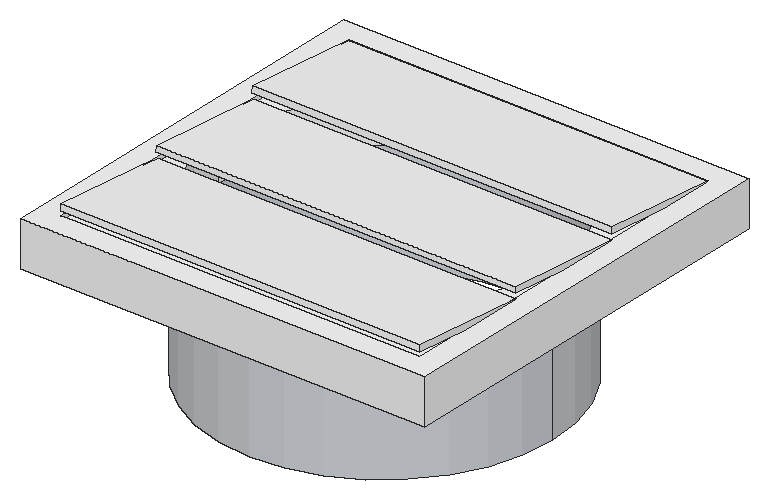
Revit family "CADS_AIRFLOWdev_AirTerminal_SquareExternalGrille_GravityFlap_Intake", category Air Terminals, host Face, Revit 2015
Parameters (values of type "180 x 180 x 150mm Dia - White")
  WorkExecutionLevel = "N/A"
  WeeklyMaintenance = "N/A"
  WarrantyStartDate [instance] = "N/A"
  WarrantyPeriod = "2"
  WarrantyIdentifier = "N/A"
  WarrantyGuarantorParts = "info@airflow.com"
  WarrantyGuarantorLabor = "info@airflow.com"
  WarrantyGuarantor = "Airflow Developments Ltd"
  WarrantyEndDate [instance] = "N/A"
  WarrantyContent = "Replacement of part if faulty"
  Uniclass2015 = "Pr_65_70_46_01"
  TotalSurfaceArea [instance] = 0.0324 m²
  TagNumber [instance] = "N/A"
  Status [instance] = "New"
  Square_External_Grille_GravityFlap = CADS_AirFlow_White
  Size = "65 x 180 x 180"
  ShippingWeight = 0.0204 kg
  Shape = "Rectangular"
  ServiceLifeType = "EXPECTEDSERVICELIFE"
  ServiceLifeDuration = "10"
  SerialNumber [instance] = "N/A"
  ReplacementCost = "14.268"
  QuarterlyMaintenance = "N/A"
  QualityOfComponents = "N/A"
  ProductionYear = "2017"
  ProductLiterature = "N/A"
  PointOfContact = "Airflow Developments Ltd"
  Perimeter [instance] = 720 mm
  OutdoorEnviornment = "N/A"
  OperationAndMaintenanceManual = "N/A"
  NumberOfSlots = 3
  NominalWidth = 180 mm
  NominalLength = 65 mm
  NominalHeight = 180 mm
  NBSCode = "90-75-50/370 Air terminals;"
  MountingType = "SURFACE"
  MonthlyMaintenance = "N/A"
  ModelReference = "71984001"
  ModelLabel = "180 x 180 x 150mm dia. Gravity Flap (White)"
  MeanTimeBetweenFailure = "N/A"
  Material = "Plastic"
  ManufacturerWebsite = "www.airflow.com"
  ManufacturerTelephone = "01494 525252"
  ManufacturerE-Mail = "info@airflow.com"
  ManufacturerAddress = "Aidelle House\nLancaster Road\nCressex Business Park\nHigh Wycombe\nBucks\nHP123QP"
  Manufacturer = "Airflow Developments Ltd"
  MaintenanceRequired8001to12000hrs = "N/A"
  MaintenanceRequired601to1000hrs = "N/A"
  MaintenanceRequired4001to8000hrs = "N/A"
  MaintenanceRequired301to600hrs = "N/A"
  MaintenanceRequired2001to4000hrs = "N/A"
  MaintenanceRequired1001to2000hrs = "N/A"
  MaintenanceRequired0to300hrs = "N/A"
  MaintenanceLevel = "N/A"
  IsExtendedWarranty = no
  IndoorEnviornment = "N/A"
  InUseConditions = "N/A"
  ISO90001 = yes
  ISO140001 = yes
  HasThermalInsulation = no
  HasSoundAttenuator = no
  HasIntegralControl = no
  GrossWeight = 0.017 kg
  Gravity_Flap [instance] = yes
  Grade = "Virgin"
  GlobalTradeItemNumber = "N/A"
  GF = 10.00°
  FlowControlType = "DAMPER"
  Flow [instance] = 0.0 L/s
  Features [instance] = "180 x 180 x 150mm dia. Gravity Flap (White)"
  FaceType = "LOUVERED"
  Exclusions = "Incorrect Use / Incorrect Installation / Installed by a non-accredited electrician. Customer abuse."
  Dv = D - 2 mm  # 148 mm
  DurationUnit = "Years"
  DesignLevel = "N/A"
  Description = "180 x 180 x 150mm dia. Gravity Flap (White)"
  Default Elevation = 1219.2 mm
  DailyMaintenance = "N/A"
  D = 150 mm
  Constituents = "White"
  Color = "White"
  CodePerformance = "N/A"
  CEApproval = yes
  BespokeTimeFrameMaintenance = "N/A"
  B = 20 mm
  AssetType = "Fixed"
  AssetIdentifier [instance] = "N/A"
  AssemblyPlace = "N/A"
  AnnualMaintenance = "N/A"
  AirflowRateRange = "0-61"
  AccessibilityPerformance = "N/A"
  A = 180 mm
  6MonthlyMaintenance = "Visually inspect system, clean the fan and ducting if necessary"
Types (4, lengths in mm): name | TotalSurfaceArea | Size | ShippingWeight | ReplacementCost | Perimeter | NominalWidth | NominalLength | NominalHeight | ModelReference | ModelLabel | GrossWeight | Features | Dv | Description | D | A
  (no name) | 0.0324 m² | "65 x 180 x 180" | 0.0204 kg | "14.268" | 720 | 180 | 65 | 180 | "71984001" | "180 x 180 x 150mm dia. Gravity Flap (White)" | 0.017 kg | "180 x 180 x 150mm dia. Gravity Flap (White)" | 148 | "180 x 180 x 150mm dia. Gravity Flap (White)" | 150 | 180
  140 x 140 x 100mm Dia - White | 0.0196 m² | "48 x 140 x 140" | 0.0144 kg | "7.944" | 560 | 140 | 48 | 140 | "51791101" | "140 x 140 x 100mm dia. Gravity Flap (White)" | 0.012 kg | "140 x 140 x 100mm dia. Gravity Flap (White)" | 98 | "140 x 140 x 100mm dia. Gravity Flap (White)" | 100 | 140
  160 x 160 x 125mm Dia - White | 0.0256 m² | "39 x 160 x 160" | 0.018 kg | "11.124" | 640 | 160 | 39 | 160 | "9041468" | "160 x 160 x 125mm dia. Gravity Flap (White)" | 0.015 kg | "160 x 160 x 125mm dia. Gravity Flap (White)" | 123 | "160 x 160 x 125mm dia. Gravity Flap (White)" | 125 | 160
  180 x 180 x 150mm Dia - White | 0.0324 m² | "65 x 180 x 180" | 0.0204 kg | "14.268" | 720 | 180 | 65 | 180 | "71984001" | "180 x 180 x 150mm dia. Gravity Flap (White)" | 0.017 kg | "180 x 180 x 150mm dia. Gravity Flap (White)" | 148 | "180 x 180 x 150mm dia. Gravity Flap (White)" | 150 | 180
Reference planes
  plane 1 "Center (Front/Back)": y = 0
  plane 2: z = 0
  plane 3 "Center (Left/Right)": x = 0
  plane 4: x = -90
  plane 5: x = 90
  plane 6: y = 90
  plane 7: y = -90
  plane 8: z = 20
  plane 9: z = 18
  plane 10: z = -50
  plane 11: x = -80
  plane 12: x = 80
  plane 13: y = 80
  plane 14: y = -80
  plane 15: y = 64
  plane 16: y = 64.5
  plane 17: y = 63.5
  plane 18: y = 48
  plane 19: y = 48.5
  plane 20: y = 47.5
  plane 21: y = 32
  plane 22: y = 32.5
  plane 23: y = 31.5
  plane 24: y = 16
  plane 25: y = 16.5
  plane 26: y = 15.5
  plane 27: y = -16
  plane 28: y = -15.5
  plane 29: y = -16.5
  plane 30: y = -32
  plane 31: y = -31.5
  plane 32: y = -32.5
  plane 33: y = -48
  plane 34: y = -47.5
  plane 35: y = -48.5
  plane 36: y = -64
  plane 37: y = -63.5
  plane 38: y = -64.5
  plane 39: y = 0.5
  plane 40: y = -0.5
  plane 41: x = -1
  plane 42: x = 1
  plane 43: z = 13
  plane 44: y = 26.667
  plane 45: y = -26.667
Forms (mm)
  Extrusion 1, solid, material "CADS_AirFlow_White", detail levels medium+fine
    sketch origin (0, 0, 0) x (1, 0, 0) y (0, 1, 0)
      loop
        line (-90, 90) -> (-90, -90) -> (90, -90) -> (90, 90) -> (-90, 90)
    from 0 to 18
  Extrusion 2, solid
    sketch origin (0, 0, 0) x (1, 0, 0) y (0, 1, 0)
      loop
        circle (0, 0) r 75
    from -50 to 0
  Extrusion 3, void, detail levels medium+fine
    sketch origin (0, 0, 0) x (1, 0, 0) y (0, 1, 0)
      loop
        circle (0, 0) r 74
    from -50 to 18
  Extrusion 4, solid, material "CADS_AirFlow_White", detail levels medium+fine
    sketch origin (0, 0, 0) x (1, 0, 0) y (0, 1, 0)
      loop
        line (-90, 90) -> (-90, -90) -> (90, -90) -> (90, 90) -> (-90, 90)
      loop
        line (-80, 80) -> (-80, -80) -> (80, -80) -> (80, 80) -> (-80, 80)
    from 18 to 20
  Extrusion 5, solid, material "CADS_AirFlow_White" <- "Square_External_Grille_GravityFlap", detail levels coarse
    sketch origin (0, 0, 0) x (1, 0, 0) y (0, 1, 0)
      loop
        line (-90, 90) -> (-90, -90) -> (90, -90) -> (90, 90) -> (-90, 90)
    from 0 to 20
  Extrusion 6, solid, material "CADS_AirFlow_White" <- "Square_External_Grille_GravityFlap", visible <- "Gravity_Flap"
    sketch origin (0, 0, 0) x (0, 1, 0) y (0, 0, 1)
      loop
        line (80, 20) -> (26.667, 24.98) -> (26.443, 22.587) -> (79.777, 17.607) -> (80, 20)
      loop
        line (26.667, 19.837) -> (-26.667, 24.74) -> (-26.89, 22.309) -> (26.443, 17.406) -> (26.667, 19.837)
      loop
        line (-26.667, 19.675) -> (-80, 24.723) -> (-80.223, 22.362) -> (-26.89, 17.314) -> (-26.667, 19.675)
    from -80 to 80
Cuts and joins
  Extrusion 3 cuts Extrusion 2
  Extrusion 3 cuts Extrusion 1
  joined: Extrusion 1, Extrusion 4
Lines and regions (mm)
  reference lines
    curve 1: line (0, 80, 20) -> (0, 23.114, 25.312)
    curve 2: line (0, 26.667, 19.837) -> (0, -32.886, 25.312)
    curve 3: line (0, -26.667, 19.675) -> (0, -86.219, 25.312)
Dimensions and locks
  equal spacing: plane 4, plane 3 "Center (Left/Right)", plane 5
  equal spacing: plane 6, plane 1 "Center (Front/Back)", plane 7
  "A": plane 4 to plane 5
  "A": plane 6 to plane 7
  "B": plane 8 to level
  locked: plane 8 to plane 9 at 2
  locked: level to plane 10 at 50
  locked: plane 6 to plane 13 at 10
  locked: plane 14 to plane 7 at 10
  locked: plane 12 to plane 5 at 10
  locked: plane 4 to plane 11 at 10
  plane 16 to plane 15 to plane 17 = 0.5 mm locked, 0.5 mm locked
  plane 19 to plane 18 to plane 20 = 0.5 mm locked, 0.5 mm locked
  plane 22 to plane 21 to plane 23 = 0.5 mm locked, 0.5 mm locked
  plane 25 to plane 24 to plane 26 = 0.5 mm locked, 0.5 mm locked
  plane 28 to plane 27 to plane 29 = 0.5 mm locked, 0.5 mm locked
  plane 31 to plane 30 to plane 32 = 0.5 mm locked, 0.5 mm locked
  plane 34 to plane 33 to plane 35 = 0.5 mm locked, 0.5 mm locked
  plane 37 to plane 36 to plane 38 = 0.5 mm locked, 0.5 mm locked
  plane 40 to plane 1 "Center (Front/Back)" to plane 39 = 0.5 mm locked, 0.5 mm locked
  plane 41 to plane 3 "Center (Left/Right)" to plane 42 = 1 mm locked, 1 mm locked
  equal spacing: plane 1 "Center (Front/Back)", plane 27, plane 30, plane 33, plane 36, plane 14
  equal spacing: plane 1 "Center (Front/Back)", plane 24, plane 21, plane 18, plane 15, plane 13
  locked: plane 9 to plane 43 at 5
  equal spacing: plane 13, plane 44, plane 45, plane 14
  "D": diameter of Extrusion 2 sketch curve
  "Dv": diameter of Extrusion 3 sketch curve
  aligned and locked: plane 2 to host face
  aligned and locked: level to host face
  aligned and locked: Extrusion 1 sketch curve to plane 6
  aligned and locked: Extrusion 1 sketch curve to plane 5
  aligned and locked: Extrusion 2 to plane 10
  aligned and locked: level to Extrusion 2
  aligned and locked: Extrusion 1 to level
  aligned and locked: plane 9 to Extrusion 1
  aligned and locked: Extrusion 2 to Extrusion 3
  aligned and locked: plane 9 to Extrusion 3
  aligned and locked: plane 4 to Extrusion 4 sketch curve
  aligned and locked: Extrusion 4 sketch curve to plane 5
  aligned and locked: plane 11 to Extrusion 4 sketch curve
  aligned and locked: plane 14 to Extrusion 4 sketch curve
  aligned and locked: Extrusion 4 to plane 9
  aligned and locked: plane 8 to Extrusion 4
  aligned and locked: Extrusion 5 sketch curve to plane 6
  aligned and locked: plane 7 to Extrusion 5 sketch curve
  aligned and locked: plane 8 to Extrusion 5
  aligned and locked: plane 13 to curve 1
  aligned and locked: Extrusion 6 sketch curve to curve 1
  aligned and locked: Extrusion 6 sketch curve to curve 2
  aligned and locked: Extrusion 6 sketch curve to curve 3
  aligned and locked: Extrusion 6 to plane 11
  aligned and locked: plane 12 to Extrusion 6
  aligned and locked: plane 44 to curve 2
  aligned and locked: plane 45 to curve 3
Automatic sketch dimensions
  host sketch curve to host sketch curve = 2438.4 mm  (x2)
  Extrusion 1 sketch curve to plane 4 = 0 mm
  Extrusion 1 sketch curve to plane 7 = 0 mm
  Extrusion 4 sketch curve to plane 12 = 0 mm
  Extrusion 4 sketch curve to plane 7 = 0 mm
  Extrusion 4 sketch curve to plane 13 = 0 mm
  Extrusion 4 sketch curve to plane 6 = 0 mm
  Extrusion 5 sketch curve to plane 4 = 0 mm
  Extrusion 5 sketch curve to plane 5 = 0 mm
  curve 1 to plane 8 = 0 mm
  curve 2 to plane 32 = 0.386 mm
  plane 7 to curve 3 = 3.781 mm
  curve 1 to plane 44 = 3.553 mm
  curve 2 to plane 8 = 0.163 mm
  curve 3 to plane 8 = 0.325 mm
  plane 8 to curve 2 = 5.312 mm
  plane 8 to curve 3 = 5.312 mm
  plane 8 to curve 1 = 5.312 mm
  Extrusion 6 sketch curve to plane 14 = 0 mm
  Extrusion 6 sketch curve to plane 45 = 0 mm  (x2)
  Extrusion 6 sketch curve to plane 44 = 0 mm  (x2)
  Extrusion 6 sketch curve to plane 8 = 0 mm
  Extrusion 6 sketch curve to plane 14 = 0.223 mm
  Extrusion 6 sketch curve to plane 45 = 0.223 mm
  Extrusion 6 sketch curve to plane 44 = 0.223 mm
  plane 1 "Center (Front/Back)" to Extrusion 2 sketch curve = 0 mm
  Extrusion 2 sketch curve to plane 3 "Center (Left/Right)" = 0 mm
  plane 1 "Center (Front/Back)" to Extrusion 3 sketch curve = 0 mm
  Extrusion 3 sketch curve to plane 3 "Center (Left/Right)" = 0 mm
Connectors
  hvac at (0, 0, 0), driven by "D", driven by "Flow"
    settings: on cut or joined group of Extrusion 2, Extrusion 3, index 1, duct flow 0.0 L/s, flow factor 0, pres drop 0.0 Pa, loss coef 0, conn angle 0.00°, conn width 304.8 mm, conn height 304.8 mm, conn diameter 150 mm, duct sys type 4, conn prof type 0, flow config 0, flow direction 2, loss method 0, conn ref index -1, conn util no, is conn primary yes, conn desc ""
